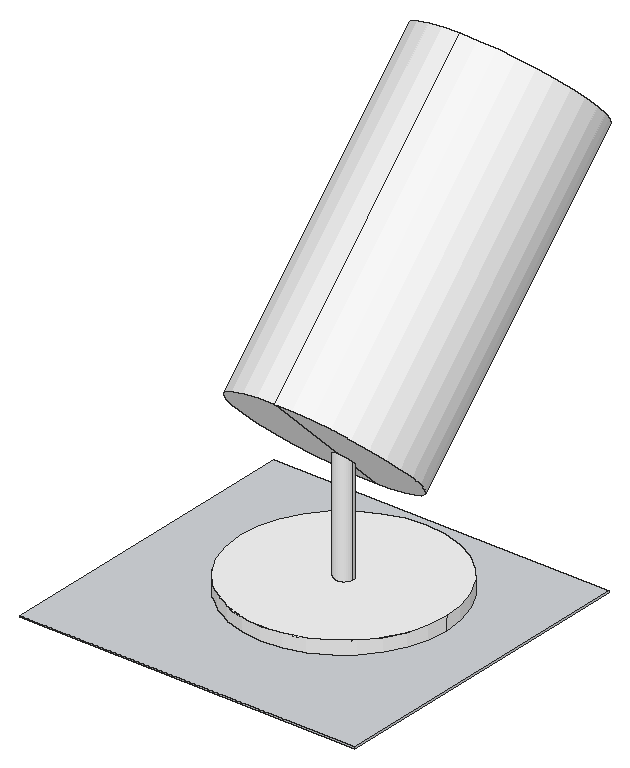
Revit family
Parameters
  Width = 14 1/4"
  Wattage Comments = ""
  Voltage = 0 V
  Security/Worklite = "Load Type Catalog"
  Revision Date = ""
  Reflector Detail = "Load Type Catalog"
  Product Documentation Link = "http://www.lightingservicesinc.com/files/pdf/207usa.pdf"
  Power Factor = 1
  Photometric Web File = "Load Type Catalog"
  Number of Poles = 1
  Lumens/CRI/Wattage = "Load Type Catalog"
  Length = 14 1/4"
  Lamp = "LED"
  IES File Link = "http://www.lightingservicesinc.com/files/photometrics/LumeLEX%202000%20Series.zip"
  Height = 11 1/8"
  Finish = "Load Type Catalog"
  Color = Metal - LSI - Aluminum (Silver)
  Coiled Cord = "Load Type Catalog"
  Angle [instance] = 45.00°
  Wattage = 26 W
  built-in parameter 1150110 = 1 (stored number, unit not read)
  URL = "http://www.lightingservicesinc.com/"
  built-in parameter 1114217 = 1 (stored number, unit not read)
  Tilt Angle = 90.00°
  built-in parameter 1150109 = 1 (stored number, unit not read)
  built-in parameter 1150134 = 3
  built-in parameter 1150113 = 1 (stored number, unit not read)
  Product Page URL = "http://www.lightingservicesinc.com/product.asp?productID=207"
  OmniClass Title = "Non Weather Rated Light Emitting Diode Lighting Fixtures"
  OmniClass Number = "23.35.47.11.11.19"
  Model = "Load Type Catalog"
  Manufacturer = "Lighting Services Inc"
  built-in parameter 1150105 = 1156.3 (stored number, unit not read)
  Lumens = 780 lm
  built-in parameter 1150115 = 1 (stored number, unit not read)
  built-in parameter 1150137 = (empty or 0)
  built-in parameter 1150139 = (empty or 0)
  built-in parameter 1150112 = 1 (stored number, unit not read)
  built-in parameter 1150114 = 1 (stored number, unit not read)
  Keynote = "26 51 00"
  built-in parameter 1150132 = (empty or 0)
  built-in parameter 1150102 = (empty or 0)
  built-in parameter 1150107 = 3200 (stored number, unit not read)
  built-in parameter 1150138 = (empty or 0)
  built-in parameter 1150106 = 11.563 (stored number, unit not read)
  Emit from Circle Diameter = 2 87/128"
  Emit Shape Visible in Rendering = no
  built-in parameter 1150104 = 2.7871 (stored number, unit not read)
  Dimming Lamp Color Temperature Shift = (empty or 0)
  Description = "Spot Light"
  Default Elevation = 2"
  Color Filter = 16777215
  built-in parameter 1114218 = 1 (stored number, unit not read)
  built-in parameter 1150133 = 10 (stored number, unit not read)
  Assembly Code = "D5020200"
  Apparent Load = 0 VA
Reference planes (in)
  plane 1 "Center (Front/Back)": y = 0
  plane 2: z = 0
  plane 3 "Center (Left/Right)": x = 0
  plane 4: z = 4
  plane 5 "Lamp": x = 0
  plane 6 "Tilt Angle": through (0, 0, 4) normal (0, -0.7071, 0.7071)
Forms (in)
  Extrusion 1, solid
    sketch origin (0, 0, 0) x (1, 0, 0) y (0, 1, 0)
      loop
        line (-4.16369, 3.10017) -> (-4.16369, -4.58444) -> (3.93103, -4.58444) -> (3.93103, 3.10017) -> (-4.16369, 3.10017)
    from 0 to -0.03652
  Extrusion 2, solid, material "Metal - LSI - Aluminum (Silver)" <- "Color"
    sketch origin (0, 0, 0) x (1, 0, 0) y (0, 1, 0)
      loop
        circle (0, 0) r 0.21875
    from 0 to 4.38747
  Revolve 3, solid, material "Metal - LSI - Aluminum (Silver)" <- "Color"
    sketch origin (0, 0, 0) x (0, 1, 0) y (0, 0, 1)
      loop
        line (-0.57023, 3.42977) -> (3.43159, 7.43159) -> (3.12387, 7.73932) -> (3.72926, 9.62488) -> (3.51804, 9.8361) -> (3.86806, 10.18612) -> (3.52286, 10.53132) -> (-2.07446, 4.934) -> (-0.57023, 3.42977)
      axis (-0.57023, 3.42977) -> (5.02709, 9.02709)
    angle from 0 to 360
  Extrusion 4, solid, material "Metal - LSI - Aluminum (Silver)" <- "Color"
    sketch origin (0, 0, 0) x (1, 0, 0) y (0, 1, 0)
      loop
        circle (0, 0) r 2.5
    from 0 to 0.313
Lines and regions (in)
  Masking region 1
    outline origin (0, 0, 0) x (1, 0, 0) y (0, 1, 0)
      loop
        line (-1.28125, 4.5) -> (-1.28125, -0.5) -> (1.28125, -0.5) -> (1.28125, 4.5) -> (-1.28125, 4.5)
  symbolic lines
    curve 1: circle (0, 0, 0) r 0.37955 normal (0, 0, 1)
  reference lines
    curve 2: circle (0, 0, 0) r 7.75 normal (0, 0, 1)
Dimensions and locks (in)
  imposter light to plane 5 "Lamp" = 0"
  plane 4 to Extrusion 1 = 4"
  locked: imposter light to plane 6 "Tilt Angle" at 7.10938
  locked: plane 1 "Center (Front/Back)" to Extrusion 2 sketch curve at 0.21875
  locked: Extrusion 2 sketch curve to plane 5 "Lamp" at 0.21875
  Revolve 3 sketch curve to Revolve 3 sketch curve to Revolve 3 sketch curve to Revolve 3 sketch curve = 5.65943" locked, 1.76137" locked, 0.495" locked
  Revolve 3 sketch curve to Revolve 3 sketch curve to Revolve 3 sketch curve to Revolve 3 sketch curve to Revolve 3 sketch curve = 0.48819" locked, 0.29871" locked, 0.90521" locked, 0.43519" locked
  locked: Extrusion 4 to plane 2 at 0.313
  locked: Extrusion 4 sketch curve to plane 5 "Lamp" at 2.5
  locked: Extrusion 4 sketch curve to plane 1 "Center (Front/Back)" at 2.5
  "Angle": angle plane 4 to plane 6 "Tilt Angle"
  "Angle": angle imposter light to plane 4
  aligned and locked: plane 2 to Extrusion 1
  aligned and locked: level to Extrusion 1
  aligned and locked: Revolve 3 sketch curve to imposter light  (x2)
  aligned and locked: Extrusion 4 to plane 2
Automatic sketch dimensions
  Extrusion 1 sketch curve to Extrusion 1 sketch curve = 8.09472"
  Extrusion 1 sketch curve to Extrusion 1 sketch curve = 7.68461"
  Extrusion 2 sketch curve to plane 3 "Center (Left/Right)" = 0"
  plane 1 "Center (Front/Back)" to Masking region 1 sketch curve = 1/2"
  Masking region 1 sketch curve to plane 3 "Center (Left/Right)" = 1 9/32"
  plane 3 "Center (Left/Right)" to Masking region 1 sketch curve = 1 9/32"
  Masking region 1 sketch curve to Masking region 1 sketch curve = 5"
  curve 1 to plane 1 "Center (Front/Back)" = 0"
  curve 1 to plane 3 "Center (Left/Right)" = 0"
  Revolve 3 sketch curve to plane 6 "Tilt Angle" = 0"
  Revolve 3 sketch curve to level = 2.97291"
  Revolve 3 sketch curve to plane 1 "Center (Front/Back)" = 17.02709"
  curve 2 to plane 1 "Center (Front/Back)" = 0"
  curve 2 to plane 3 "Center (Left/Right)" = 0"
  Extrusion 4 sketch curve to plane 3 "Center (Left/Right)" = 0"
  radius of curve 1 = 0.37955"
  radius of curve 2 = 7 3/4"
Connectors (in)
  electrical at (0, 0, 0), driven by "Power Factor", driven by "Apparent Load", driven by "Voltage", driven by "Number of Poles"
    settings: on Extrusion 4, index 1
